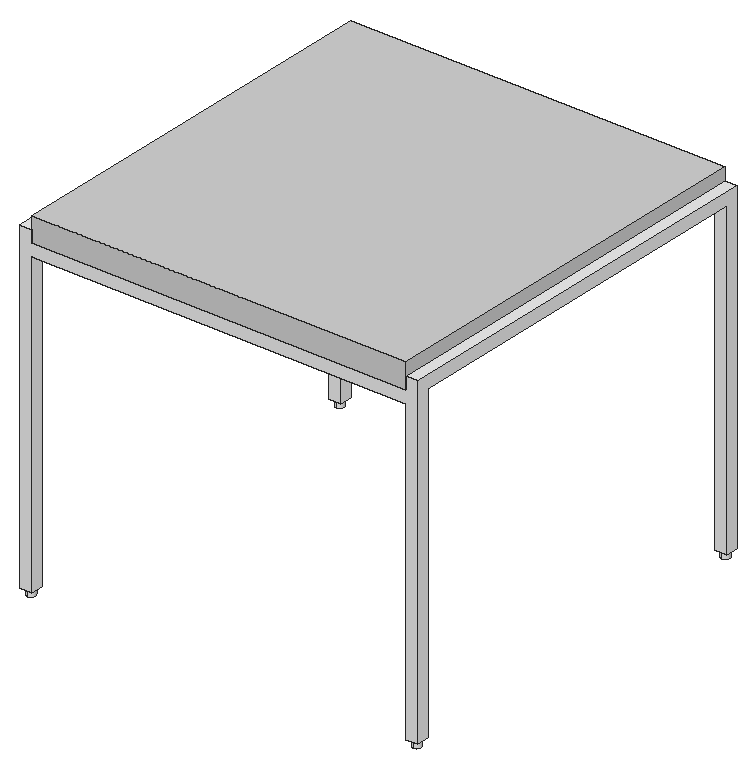
Revit family
Parameters (values of type "24W x 24D x 20H")
  Width = 2' - 0"
  URL = "http://elanbydecca.com/"
  Top [instance] = Furniture - DECCA (Elan) - Ethos - Top
  Base [instance] = Furniture - DECCA (Elan) - Ethos - Base
  Product URL = "http://elanbydecca.com/PDFs/elan_tearsheet-vertex.pdf"
  Model = "FT ST502"
  Manufacturer = "Decca Contract"
  Height = 1' - 8"
  Description = "Ethos, Side Table"
  Depth = 2' - 0"
  Assembly Description = "Furniture & Accessories"
  Assembly Code = "E2020200"
Types (4): name | Width | Model | Depth
  (no name) | 2' - 0" | "FT ST502" | 2' - 0"
  18W x 18D x 20H | 1' - 6" | "FT ST500" | 1' - 6"
  20W x 20D x 20H | 1' - 8" | "FT ST501" | 1' - 8"
  24W x 24D x 20H | 2' - 0" | "FT ST502" | 2' - 0"
Reference planes (in)
  plane 1 "Center Front/Back": y = -0.7524
  plane 2: z = 0
  plane 3 "Center Left/Right": x = 0
  plane 4 "L": x = -12
  plane 5 "R": x = 12
  plane 6 "F": y = -12.7524
  plane 7: y = 11.2476
  plane 8: through (-6.25338, 2.33237, 23.38953) normal (0.4297, -0.4297, 0.7941)
  plane 9 "ST": z = 20
  plane 10: z = 0.375
  plane 11: x = -11.25
  plane 12: x = 11.25
  plane 13: z = 19.25
  plane 14: z = 18.5
  plane 15: y = 10.4976
  plane 16: y = -12.0024
  plane 17: x = -0.375
  plane 18: x = 0.375
  plane 19: y = 3.2476
  plane 20: y = -4.7524
  plane 21: x = -3.75
  plane 22: x = 3.75
  plane 23: z = 20.75
Forms (in)
  Extrusion 1, solid, material "Furniture - DECCA (Elan) - Ethos - Base" <- "Base"
    sketch origin (0, 0, 0) x (0, 1, 0) y (0, 0, 1)
      loop
        line (11.2476, 0.375) -> (11.2476, 20) -> (-12.7524, 20) -> (-12.7524, 0.375) -> (-12.0024, 0.375) -> (-12.0024, 19.25) -> (10.4976, 19.25) -> (10.4976, 0.375) -> (11.2476, 0.375)
    from -12 to -11.25
  Extrusion 2, solid, material "Furniture - DECCA (Elan) - Ethos - Base" <- "Base"
    sketch origin (0, 0, 0) x (0, 1, 0) y (0, 0, 1)
      loop
        line (11.2476, 18.5) -> (11.2476, 19.25) -> (10.4976, 19.25) -> (10.4976, 18.5) -> (11.2476, 18.5)
      loop
        line (-12.7524, 18.5) -> (-12.0024, 18.5) -> (-12.0024, 19.25) -> (-12.7524, 19.25) -> (-12.7524, 18.5)
    from -11.25 to 11.25
  Extrusion 3, solid, material "Furniture - DECCA (Elan) - Ethos - Base" <- "Base"
    sketch origin (0, 0, 7.44949) x (0, -1, 0) y (1, 0, 0)
      loop
        circle (-10.8726, -11.625) r 0.25
      loop
        circle (-10.8726, 11.625) r 0.25
      loop
        circle (12.3774, -11.625) r 0.25
      loop
        circle (12.3774, 11.625) r 0.25
    from -7.44949 to -7.07449
  Extrusion 4, solid, material "Furniture - DECCA (Elan) - Ethos - Base" <- "Base"
    sketch origin (0, 0, 0) x (0, 1, 0) y (0, 0, 1)
      loop
        line (11.2476, 0.375) -> (11.2476, 20) -> (-12.7524, 20) -> (-12.7524, 0.375) -> (-12.0024, 0.375) -> (-12.0024, 19.25) -> (10.4976, 19.25) -> (10.4976, 0.375) -> (11.2476, 0.375)
    from 11.25 to 12
  Extrusion 5, solid, material "Furniture - DECCA (Elan) - Ethos - Top" <- "Top"
    sketch origin (0, 0, 20) x (-1, 0, 0) y (0, -1, 0)
      loop
        line (11.25, -11.2476) -> (11.25, 12.7524) -> (-11.25, 12.7524) -> (-11.25, -11.2476) -> (11.25, -11.2476)
    from -0.75 to 0.75
Cuts and joins
  joined: Extrusion 1, Extrusion 2, Extrusion 3, Extrusion 4
Dimensions and locks (in)
  equal spacing: plane 4 "L", plane 3 "Center Left/Right", plane 5 "R"
  equal spacing: plane 7, plane 1 "Center Front/Back", plane 6 "F"
  "Width": plane 4 "L" to plane 5 "R"
  "Depth": plane 7 to plane 6 "F"
  "Height": plane 9 "ST" to level
  locked: plane 4 "L" to plane 11 at 0.75
  locked: plane 12 to plane 5 "R" at 0.75
  locked: plane 7 to plane 15 at 0.75
  locked: plane 16 to plane 6 "F" at 0.75
  plane 17 to plane 3 "Center Left/Right" to plane 18 = 0' - 0 3/8" locked, 0' - 0 3/8" locked
  equal spacing: plane 7, plane 19, plane 20, plane 6 "F"
  equal spacing: plane 11, plane 21, plane 22, plane 12
  plane 23 to plane 9 "ST" to plane 13 to plane 14 = 0' - 0 3/4" locked, 0' - 0 3/4" locked, 0' - 0 3/4" locked
  aligned and locked: plane 7 to Extrusion 1 sketch curve
  aligned and locked: plane 10 to Extrusion 1 sketch curve
  aligned and locked: plane 6 "F" to Extrusion 1 sketch curve
  aligned and locked: Extrusion 1 to plane 4 "L"
  aligned and locked: plane 11 to Extrusion 1
  aligned and locked: plane 7 to Extrusion 2 sketch curve
  aligned and locked: plane 6 "F" to Extrusion 2 sketch curve
  aligned and locked: Extrusion 2 to plane 11
  aligned and locked: Extrusion 2 to plane 12
  aligned and locked: Extrusion 3 to level
  aligned and locked: plane 10 to Extrusion 3
  aligned and locked: plane 9 "ST" to Extrusion 1 sketch curve
  aligned and locked: plane 13 to Extrusion 1 sketch curve
  aligned and locked: Extrusion 4 to plane 5 "R"
  aligned and locked: plane 12 to Extrusion 4
  aligned and locked: plane 13 to Extrusion 2 sketch curve  (x2)
  aligned and locked: plane 14 to Extrusion 2 sketch curve  (x2)
  aligned and locked: Extrusion 5 sketch curve to plane 11
  aligned and locked: Extrusion 5 sketch curve to plane 7
  aligned and locked: plane 12 to Extrusion 5 sketch curve
  aligned and locked: Extrusion 5 sketch curve to plane 6 "F"
  aligned and locked: Extrusion 5 to plane 13
  aligned and locked: plane 23 to Extrusion 5
Automatic sketch dimensions
  Extrusion 1 sketch curve to plane 16 = 0' - 0"
  Extrusion 1 sketch curve to plane 15 = 0' - 0"
  Extrusion 1 sketch curve to plane 10 = 0' - 0"
  Extrusion 2 sketch curve to plane 16 = 0' - 0"
  Extrusion 3 sketch curve to plane 7 = 0' - 0 3/8"  (x2)
  plane 6 "F" to Extrusion 3 sketch curve = 0' - 0 3/8"  (x2)
  plane 4 "L" to Extrusion 3 sketch curve = 0' - 0 3/8"  (x2)
  plane 5 "R" to Extrusion 3 sketch curve = 0' - 0 3/8"  (x2)
  Extrusion 4 sketch curve to plane 6 "F" = 0' - 0"
  Extrusion 4 sketch curve to plane 13 = 0' - 0"
  Extrusion 4 sketch curve to plane 16 = 0' - 0"
  Extrusion 4 sketch curve to plane 10 = 0' - 0"  (x2)
  Extrusion 4 sketch curve to plane 15 = 0' - 0"
  Extrusion 4 sketch curve to plane 7 = 0' - 0"
  Extrusion 4 sketch curve to plane 9 "ST" = 0' - 0"
  Extrusion 2 sketch curve to plane 15 = 0' - 0"
  radius of Extrusion 3 sketch curve = 0' - 0 1/4"  (x4)
